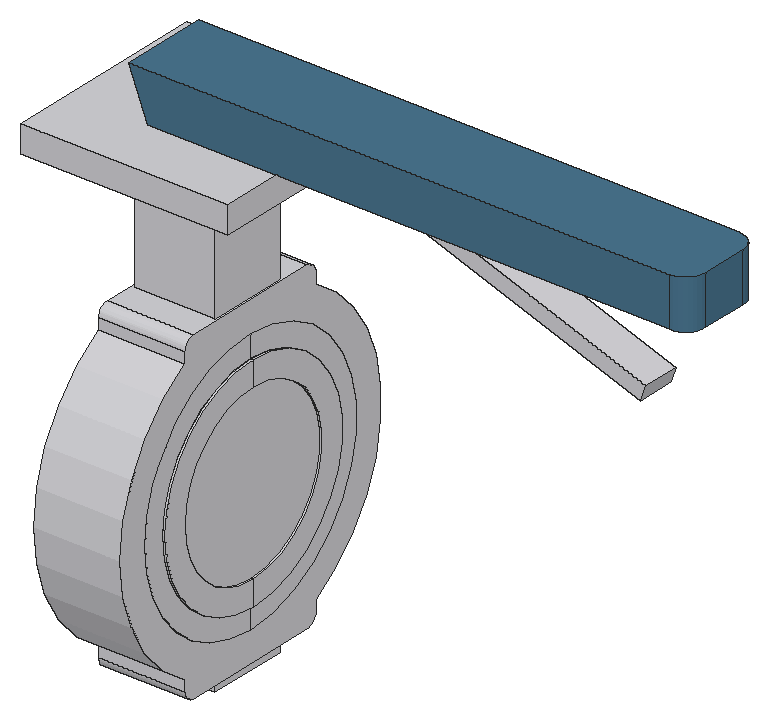
Revit family "HPA 1LCTL Butterfly Valve Lever", category Pipe Accessories, Revit 2018
Family settings
  Round Connector Dimension = Use Diameter
  Part Type = Normal
  Work Plane-Based = No
  Always vertical = Yes
  Cut with Voids When Loaded = No
  Shared = No
Parameters (values of type "Standard")
  pipe radius [instance] = Pipe Diameter / 2  # 1.750"
  fillet01 [instance] = 0.222"  # constant formula
  Weight [instance] = size_lookup(LookupTable, "Weight", "NA", Nominal Diameter)  # "10.8 lbs."
  URL = "http://www.fnw.com"
  Standards Lookup Table = "Standards"  # constant formula
  Show Lever Clearance [instance] = no
  R3 [instance] = size_lookup(LookupTable, "R3", 0.000", Nominal Diameter)  # 2.250"
  R2 [instance] = size_lookup(LookupTable, "R2", 0.000", Nominal Diameter)  # 3.3125"
  R1 [instance] = size_lookup(LookupTable, "R1", 0.000", Nominal Diameter)  # 2.6875"
  Product ID [instance] = size_lookup(LookupTable, "ProductID", "NA", Nominal Diameter)  # "7239427"
  Pipe Diameter [instance] = size_lookup(Standards Lookup Table, "pipe_dia", 0.000", Nominal Diameter)  # 3.500"
  Part Number [instance] = size_lookup(LookupTable, "PartNumber", "NA", Nominal Diameter)  # "FNWHPA1LCTLM"
  Nominal Diameter [instance] = 3"
  LookupTable = "HPA 1LCTL Butterfly Valve Lever"  # constant formula
  L4 [instance] = size_lookup(LookupTable, "L4", 0.000", Nominal Diameter)  # 0.470"
  L3 [instance] = size_lookup(LookupTable, "L3", 0.000", Nominal Diameter)  # 0.060"
  L2 [instance] = size_lookup(LookupTable, "L2", 0.000", Nominal Diameter)  # 0.060"
  L1 [instance] = size_lookup(LookupTable, "L1", 0.000", Nominal Diameter)  # 1.640"
  H4 [instance] = size_lookup(LookupTable, "H4", 0.000", Nominal Diameter)  # 6.400"
  H3 [instance] = size_lookup(LookupTable, "H3", 0.000", Nominal Diameter)  # 5.850"
  H2 [instance] = size_lookup(LookupTable, "H2", 0.000", Nominal Diameter)  # 5.025"
  H1 [instance] = size_lookup(LookupTable, "H1", 0.000", Nominal Diameter)  # 3.4925"
  Description BOM [instance] = size_lookup(LookupTable, "Description_BOM", "NA", Nominal Diameter)  # "3 CS SS ULTRA 150# LUG HP BFV LO"
  D2 [instance] = size_lookup(LookupTable, "D2", 0.000", Nominal Diameter)  # 1.760"
  D1 [instance] = size_lookup(LookupTable, "D1", 0.000", Nominal Diameter)  # 4.220"
  A1 [instance] = 33.00°  # constant formula
  1_Z4 [instance] = size_lookup(LookupTable, "1_Z4", 0.000", Nominal Diameter)  # 0.3125"
  1_Z3 [instance] = size_lookup(LookupTable, "1_Z3", 0.000", Nominal Diameter)  # 0.500"
  1_Z2 [instance] = size_lookup(LookupTable, "1_Z2", 0.000", Nominal Diameter)  # 1.000"
  1_Y3 [instance] = size_lookup(LookupTable, "1_Y3", 0.000", Nominal Diameter)  # 0.375"
  1_X5 [instance] = size_lookup(LookupTable, "1_X5", 0.000", Nominal Diameter)  # 5.255"
  1_X4 [instance] = size_lookup(LookupTable, "1_X4", 0.000", Nominal Diameter)  # 4.204"
  1_X3 [instance] = size_lookup(LookupTable, "1_X3", 0.000", Nominal Diameter)  # 10.510"
  1_X2 [instance] = size_lookup(LookupTable, "1_X2", 0.000", Nominal Diameter)  # 2.110"
Reference planes (in)
  plane 1 "Center (Front/Back)": y = 0
  plane 2: z = 0
  plane 3 "Center (Left/Right)": x = 0
  plane 4: y = 0.82
  plane 5: y = -0.82
  plane 6: x = -0.82
  plane 7: x = 0.82
  plane 8: x = -0.88
  plane 9: x = 0.88
  plane 10: z = -2.6875
  plane 11: z = 2.6875
  plane 12: z = -3.3125
  plane 13: z = 3.3125
  plane 14: z = -3.4925
  plane 15: z = 5.025
  plane 16: z = 5.85
  plane 17 "Pad Top": z = 6.4
  plane 18: x = -2.11
  plane 19: x = 2.11
  plane 20: z = 1.75
  plane 21: x = -0.94
  plane 22: x = 0.94
  plane 23: z = 2.25
  plane 24: x = -0.235
  plane 25: x = 0.235
  plane 26: z = -2.25
  plane 27: x = -0.35
Forms (in)
  Extrusion 1, solid, material "Steel, Stainless hp"
    sketch origin (0, 0, 0) x (1, 0, 0) y (0, 1, 0)
      loop
        line (-2.11, 2.11) -> (-2.11, -2.11) -> (2.11, -2.11) -> (2.11, 2.11) -> (-2.11, 2.11)
    from 5.85 to 6.4
  Revolve 2, solid, material "Steel, Stainless hp"
    sketch origin (0, 0, 0) x (1, 0, 0) y (0, 0, 1)
      loop
        line (-0.88, 2.25) -> (0.88, 2.25) -> (0.88, 2.6875) -> (-0.88, 2.6875) -> (-0.88, 2.25)
      axis (-0.88, 0) -> (0.88, 0)
    angle from 0 to 360
  Revolve 3, solid, material "Steel, Stainless hp"
    sketch origin (0, 0, 0) x (1, 0, 0) y (0, 0, 1)
      loop
        line (-0.94, 2.25) -> (-0.94, 1.75) -> (-0.235, 1.75) -> (-0.235, 0) -> (0.235, 0) -> (0.235, 1.75) -> (0.94, 1.75) -> (0.94, 2.25) -> (-0.94, 2.25)
      axis (0.94, 0) -> (-0.94, 0)
    angle from 0 to 360
  Extrusion 4, solid, material "Steel, Stainless hp"
    sketch origin (0, 0, 0) x (1, 0, 0) y (0, 1, 0)
      loop
        line (-0.82, 0.82) -> (-0.82, -0.82) -> (0.82, -0.82) -> (0.82, 0.82) -> (-0.82, 0.82)
    from 2.25 to 5.025
  Extrusion 5, solid, material "Steel, Stainless hp"
    sketch origin (0, 0, 0) x (1, 0, 0) y (0, 1, 0)
      loop
        line (-0.82, 0.82) -> (-0.82, -0.82) -> (0.82, -0.82) -> (0.82, 0.82) -> (-0.82, 0.82)
    from 5.025 to 5.85
  Extrusion 6, solid, material "Steel, Stainless hp"
    sketch origin (0, 0, 0) x (1, 0, 0) y (0, 1, 0)
      loop
        line (-0.82, 0.82) -> (-0.82, -0.82) -> (0.82, -0.82) -> (0.82, 0.82) -> (-0.82, 0.82)
    from -3.4925 to -2.25
  Extrusion 7, solid, material "Steel, Stainless hp"
    sketch origin (0, 0, 0) x (0, 1, 0) y (0, 0, 1)
      loop
        arc (1.65625, -2.86871) -> (3.3125, 0) -> (1.65625, 2.86871) r 3.3125
        line (1.65625, 2.86871) -> (1.65625, 3.0905)
        arc (1.65625, 3.0905) -> (1.59123, 3.24748) -> (1.43425, 3.3125) r 0.222
        line (1.43425, 3.3125) -> (-1.43425, 3.3125)
        arc (-1.43425, 3.3125) -> (-1.59123, 3.24748) -> (-1.65625, 3.0905) r 0.222
        line (-1.65625, 3.0905) -> (-1.65625, 2.86871)
        arc (-1.65625, 2.86871) -> (-3.3125, 0) -> (-1.65625, -2.86871) r 3.3125
        line (-1.65625, -2.86871) -> (-1.65625, -3.0905)
        arc (-1.65625, -3.0905) -> (-1.59123, -3.24748) -> (-1.43425, -3.3125) r 0.222
        line (-1.43425, -3.3125) -> (1.43425, -3.3125)
        arc (1.43425, -3.3125) -> (1.59123, -3.24748) -> (1.65625, -3.0905) r 0.222
        line (1.65625, -3.0905) -> (1.65625, -2.86871)
    from -0.88 to 0.88
Dimensions and locks (in)
  equal spacing: plane 5, plane 1 "Center (Front/Back)", plane 4
  "L1": plane 5 to plane 4
  equal spacing: plane 7, plane 3 "Center (Left/Right)", plane 6
  "L1": plane 7 to plane 6
  "L2": plane 6 to plane 8
  "L2": plane 7 to plane 9
  "R1": plane 2 to plane 10
  "R1": plane 11 to plane 2
  "R2": plane 13 to plane 2
  "R2": plane 2 to plane 12
  "H1": plane 2 to plane 14
  "H2": plane 15 to plane 2
  "H3": plane 16 to plane 2
  "H4": plane 17 "Pad Top" to plane 2
  equal spacing: plane 18, plane 3 "Center (Left/Right)", plane 19
  "D1": plane 18 to plane 19
  "pipe radius": plane 20 to plane 2
  "L3": plane 21 to plane 8
  "L3": plane 9 to plane 22
  "R3": plane 23 to plane 2
  equal spacing: plane 25, plane 3 "Center (Left/Right)", plane 24
  "L4": plane 25 to plane 24
  "R3": plane 2 to plane 26
  "L4": plane 27 to plane 6
  equal spacing: Extrusion 1 sketch curve, plane 3 "Center (Left/Right)", Extrusion 1 sketch curve
  equal spacing: Extrusion 1 sketch curve, plane 1 "Center (Front/Back)", Extrusion 1 sketch curve
  "D1": Extrusion 1 sketch curve to Extrusion 1 sketch curve  (x2)
  equal spacing: Extrusion 5 sketch curve, plane 3 "Center (Left/Right)", Extrusion 5 sketch curve
  "L1": Extrusion 5 sketch curve to Extrusion 5 sketch curve  (x2)
  equal spacing: Extrusion 5 sketch curve, plane 1 "Center (Front/Back)", Extrusion 5 sketch curve
  equal spacing: Extrusion 7 sketch curve, plane 1 "Center (Front/Back)", Extrusion 7 sketch curve  (x2)
  "R2": Extrusion 7 sketch curve to Extrusion 7 sketch curve  (x2)
  radius of Revolve 2 = 2.6875"  (x2)
  "R2": radius of Extrusion 7 sketch curve  (x2)
  "fillet01": radius of Extrusion 7 sketch curve  (x4)
  aligned and locked: plane 2 to level
  aligned and locked: Extrusion 1 to plane 16
  aligned and locked: plane 17 "Pad Top" to Extrusion 1
  aligned and locked: Revolve 2 sketch curve to plane 2
  aligned and locked: Revolve 2 sketch curve to plane 8
  aligned and locked: plane 9 to Revolve 2 sketch curve
  aligned and locked: Revolve 2 sketch curve to plane 23
  aligned and locked: plane 11 to Revolve 2 sketch curve
  aligned and locked: plane 2 to Revolve 3 sketch curve  (x2)
  aligned and locked: Revolve 3 sketch curve to plane 20  (x2)
  aligned and locked: Revolve 3 sketch curve to plane 23
  aligned and locked: plane 21 to Revolve 3 sketch curve
  aligned and locked: Revolve 3 sketch curve to plane 22
  aligned and locked: plane 6 to Extrusion 4 sketch curve
  aligned and locked: plane 4 to Extrusion 4 sketch curve
  aligned and locked: plane 7 to Extrusion 4 sketch curve
  aligned and locked: plane 5 to Extrusion 4 sketch curve
  aligned and locked: Extrusion 4 to plane 23
  aligned and locked: plane 15 to Extrusion 4
  aligned and locked: Extrusion 5 to plane 15
  aligned and locked: plane 16 to Extrusion 5
  aligned and locked: plane 14 to Extrusion 6
  aligned and locked: Extrusion 6 to plane 26
  aligned and locked: plane 25 to Revolve 3 sketch curve
  aligned and locked: Revolve 3 sketch curve to plane 24
  aligned and locked: Extrusion 7 to plane 8
  aligned and locked: Extrusion 7 to plane 9
  aligned and locked: Extrusion 6 sketch curve to Extrusion 4  (x4)
Automatic sketch dimensions
  plane 18 to Revolve 2 sketch curve = 1.38258"
  plane 19 to Revolve 2 sketch curve = 0.67957"
  plane 18 to Revolve 3 sketch curve = 0.55945"
  Revolve 3 sketch curve to plane 24 = 0.0725"
  Extrusion 7 sketch curve to Extrusion 7 sketch curve = 0.000"  (x2)
  Extrusion 7 sketch curve to level = 0.000"
  Extrusion 7 sketch curve to plane 1 "Center (Front/Back)" = 0.000"
  plane 12 to Extrusion 7 sketch curve = 0.000"
  Extrusion 7 sketch curve to plane 13 = 0.000"
Nested families (in)
  nested 1: "std-butterfly lever HP-LG" at (0, 0, 6.4), 1_Y1 <- "D2", Show Lever Clearance <- "Show Lever Clearance", 1_X2 <- "1_X2", 1_X3 <- "1_X3", 1_X4 <- "1_X4", 1_X5 <- "1_X5", 1_Z3 <- "1_Z3", 1_Z4 <- "1_Z4", 1_Z2 <- "1_Z2", 1_Y3 <- "1_Y3", type "std-butterfly lever HP_LG"
    with Show Lever Clearance no, End 0.500", Clearance Hieght 6.000", 1_Z4 0.3125", 1_Z3 0.500", 1_Z2 1.000", 1_Y3 0.375", 1_Y1_Half 0.880", 1_Y1 1.760", 1_X5 5.255", 1_X4 4.204", 1_X3 10.510", 1_X2 2.110"
Connectors (in)
  piping at (-0.88, 0, 0), diameter 3, driven by "Nominal Diameter"
    settings: on Revolve 2, index 1, connector inside diameter 24", connector length 0.000", flow factor 0, pipe flow 0 GPM, pressure drop 0.00 psi, fitting loss kfactor 0, connector angle 0.00°, fixture units 0, engagement length 0.000", angle of deflection 0.00°, flow configuration 0, flow direction 0, fitting loss method 0, system type 7, joint type 0, gender type 0, connector reference index -1, connector utility 0, adjustable connector no, is connector primary yes, connector description ""
  piping at (0.88, 0, 0), diameter 3, driven by "Nominal Diameter"
    settings: on Revolve 2, index 2, connector inside diameter 24", connector length 0.000", flow factor 0, pipe flow 0 GPM, pressure drop 0.00 psi, fitting loss kfactor 0, connector angle 0.00°, fixture units 0, engagement length 0.000", angle of deflection 0.00°, flow configuration 0, flow direction 0, fitting loss method 0, system type 7, joint type 0, gender type 0, connector reference index -1, connector utility 0, adjustable connector no, is connector primary no, connector description ""
Definition of nested family "std-butterfly lever HP-LG"
  Parameters (values of type "std-butterfly lever HP_LG")
    fillet = 0.41406"  # constant formula
    Show Lever Clearance [instance] = yes
    LAngle = 19.00°  # constant formula
    End [instance] = 0.500"  # constant formula
    Clearance Hieght [instance] = 6.000"  # constant formula
    1_Z4 [instance] = 0.30881"
    1_Z3 [instance] = 0.125"
    1_Z2 [instance] = 1.000"
    Default Elevation = 48.000"
    1_Y3 [instance] = 0.375"
    1_Y1_Half [instance] = [1_Y1] / 2  # 1.000"
    1_Y1 [instance] = 2.000"
    1_X5 [instance] = 6.250"
    1_X4 [instance] = 5.11184"
    1_X3 [instance] = 12.000"
    1_X2 [instance] = 1.000"
  Reference planes (in)
    plane 1 "Center (Front/Back)": y = 0
    plane 2: z = 0
    plane 3 "Center (Left/Right)": x = 0
    plane 4 "Handle End": x = 11.5
    plane 5: x = 5.11184
    plane 6 "Top": z = 1
    plane 7: x = 1
    plane 8: x = 12
    plane 9: x = -1
    plane 10: x = 5.11184
    plane 11: y = 2
    plane 12: y = -2
  Forms (in)
    Extrusion 1, solid
      sketch origin (0, 0, 0) x (1, 0, 0) y (0, 1, 0)
        loop
          line (-1, 1) -> (-1, -1) -> (11.58594, -1)
          arc (11.58594, -1) -> (11.87872, -0.87872) -> (12, -0.58594) r 0.41406
          line (12, -0.58594) -> (12, 0.58594)
          arc (12, 0.58594) -> (11.87872, 0.87872) -> (11.58594, 1) r 0.41406
          line (11.58594, 1) -> (-1, 1)
      from 0 to 1
    Sweep 2, solid
      path origin (0, 0, 0) x (1, 0, 0) y (0, 0, 1)
        loop
          line (5.11184, 0) -> (11.02133, -2.0348)
      profile origin (8.06658, 0, -1.0174) x (0.325568, 0, 0.945519) y (0, -1, 0)
        loop
          line (0.15441, 0.375) -> (-0.15441, 0.375) -> (-0.15441, -0.375) -> (0.15441, -0.375) -> (0.15441, 0.375)
    Extrusion 3, solid, visible <- "Show Lever Clearance"
      sketch origin (0, 0, 0) x (1, 0, 0) y (0, 1, 0)
        loop
          line (0, 0) -> (0, -12)
          arc (0, -12) -> (8.48528, -8.48528) -> (12, 0) r 12
          line (12, 0) -> (0, 0)
      from 0 to 6 <- "Clearance Hieght"
    Extrusion 4, void
      sketch origin (0, 0, 0) x (1, 0, 0) y (0, 0, 1)
        loop
          line (-0.5, 0) -> (-1, 1) -> (-1, 0) -> (-0.5, 0)
      from -2 to 2
  Cuts and joins
    Extrusion 4 cuts Extrusion 1
  Lines and regions (in)
    reference lines
      curve 1: line (0, 1.76326, 0) -> (0, -1.76326, 0)
      curve 2: line (1.27406, 0, 0) -> (-2.01203, 0, 0)
  Dimensions and locks (in)
    "1_Z2": plane 6 "Top" to level
    "1_X2": plane 3 "Center (Left/Right)" to plane 7
    "1_Y1_Half": plane 9 to plane 3 "Center (Left/Right)"
    "End": plane 4 "Handle End" to plane 8
    "1_X3": plane 3 "Center (Left/Right)" to plane 8
    "1_X4": plane 3 "Center (Left/Right)" to plane 5
    "1_X4": plane 10 to plane 3 "Center (Left/Right)"
    "1_X5": Sweep 2 sketch curve to Sweep 2 sketch curve
    "1_Y3": Sweep 2 sketch curve to profile plane
    "1_Y3": profile plane to Sweep 2 sketch curve
    equal spacing: Sweep 2 sketch curve, profile plane, Sweep 2 sketch curve
    "1_Z4": Sweep 2 sketch curve to Sweep 2 sketch curve
    "1_Y1": plane 12 to plane 1 "Center (Front/Back)"
    "1_Y1": plane 1 "Center (Front/Back)" to plane 11
    "1_X3": Extrusion 3 sketch curve to Extrusion 3 sketch curve  (x2)
    "1_Y1_Half": plane 1 "Center (Front/Back)" to Extrusion 1 sketch curve
    "1_Y1_Half": Extrusion 1 sketch curve to plane 1 "Center (Front/Back)"
    "1_X3": radius of Extrusion 3 sketch curve
    "fillet": radius of Extrusion 1 sketch curve  (x2)
    "LAngle": angle Sweep 2 sketch curve to plane 2
    aligned and locked: plane 2 to level
    aligned and locked: plane 6 "Top" to Extrusion 1
    aligned and locked: Extrusion 1 to level
    aligned and locked: plane 9 to Extrusion 1 sketch curve
    aligned and locked: Extrusion 1 sketch curve to plane 8
    aligned and locked: Extrusion 4 sketch curve to plane 2
    aligned and locked: Extrusion 4 sketch curve to plane 9
    aligned and locked: Extrusion 4 to plane 11
    aligned and locked: Extrusion 4 to plane 12
  Automatic sketch dimensions
    plane 1 "Center (Front/Back)" to curve 2 = 0.000"
    curve 1 to plane 3 "Center (Left/Right)" = 0.000"
    plane 1 "Center (Front/Back)" to curve 1 = 1.76326"
    curve 2 to plane 3 "Center (Left/Right)" = 2.01203"
    curve 1 to plane 1 "Center (Front/Back)" = 1.76326"
    plane 7 to curve 2 = 0.27406"
    Extrusion 4 sketch curve to plane 6 "Top" = 0.000"
    Extrusion 4 sketch curve to plane 3 "Center (Left/Right)" = 0.500"
    Sweep 2 sketch curve to level = 0.000"
    Sweep 2 sketch curve to plane 10 = 0.000"
    Extrusion 3 sketch curve to plane 3 "Center (Left/Right)" = 0.000"
    plane 1 "Center (Front/Back)" to Extrusion 3 sketch curve = 0.000"
